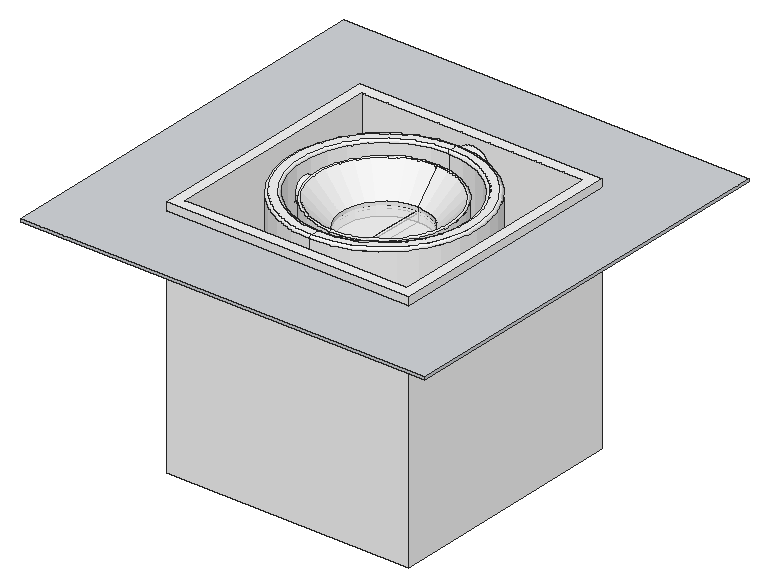
Revit family "Zaniboni-Diva-2_Inch_Aperture_20°-1", category Lighting Fixtures, host Face, Revit 2016
Family settings
  Host = Face
  Part Type = Normal
  Round Connector Dimension = Use Diameter
  Cut with Voids When Loaded = No
  Light Source = No
  Shared = No
  Room Calculation Point = No
Parameters (values of type "D1-DIVTS-0730A-3C-WS")
  Width = 2.99"
  Wattage Comments = "14W"
  Voltage = 120 V
  URL = "www.zanibonilighting.com"
  Type Comments = "Diva"  # constant formula
  Support Finish = ZBN - Metal Matte White
  Screen Finish = ZBN - Glass
  ST = RT  # no
  SQ = RQ  # no
  SD = RD  # no
  RT = no
  RQ = no
  RD = no
  Model = "D1-DIVTS-0730A-3C-WS"
  Mechanism Finish = ZBN - Plastic-Black
  Manufacturer = "Zaniboni"  # constant formula
  Length = 2.99"
  Keynote = "12500"
  Kelvin = "3000°K"
  Frame Finish = ZBN - Metal Matte White
  Diffuser Finish = ZBN - Metal Matte White
  Description = "2 inch 1 Light Sources Adjustable 20°"
  Default Elevation = 1"
  CRI = "80"
  Body Finish = ZBN - Metal Matte White
  Beam = "36°"
  Assembly Code = "E1020300"
Types (5): name | Width | ST | SQ | SD | RT | RQ | RD | Model | Length | Description
  (no name) | 2.99" | no | no | no | no | no | no | "D1-DIVTS-0730A-3C-WS" | 2.99" | "2 inch 1 Light Sources Adjustable 20°"
  D1-DIVTS-0730A-3C-WS | 2.99" | no | no | no | no | no | no | "D1-DIVTS-0730A-3C-WS" | 2.99" | "2 inch 1 Light Sources Adjustable 20°"
  D1-DIVTD-1430A-3C-WS | 2.99" | no | no | yes | no | no | yes | "D1-DIVTD-1430A-3C-WS" | 6" | "2 inch 2 Light Sources Adjustable 20°"
  D1-DIVTT-2130A-3C-WS | 2.99" | yes | no | yes | yes | no | yes | "D1-DIVTT-2130A-3C-WS" | 9" | "2 inch 3 Light Sources Adjustable 20°"
  D1-DIVTQ-2830A-3C-WS | 5.72" | no | yes | yes | no | yes | yes | "D1-DIVTQ-2830A-3C-WS" | 6" | "2 inch 4 Light Sources Adjustable 20°"
Reference planes (in)
  plane 1 "Center (Front/Back)": y = 0
  plane 2: z = 0
  plane 3 "Center (Left/Right)": x = 0
  plane 4: x = 2.99
  plane 5: y = -2.99
  plane 6: x = 1.495
  plane 7: y = -1.495
Forms (in)
  Extrusion 1, void
    sketch origin (3.54686, -2.04724, 0) x (1, 0, 0) y (0, 1, 0)
      loop
        line (-3.54686, 2.04724) -> (-3.54686, -0.94276) -> (-0.55686, -0.94276) -> (-0.55686, 2.04724) -> (-3.54686, 2.04724)
    from -2.99213 to 0.5
  Extrusion 2, solid, material "ZBN - Metal Matte White" <- "Body Finish"
    sketch origin (2.99382, -1.49606, 0) x (1, 0, 0) y (0, 1, 0)
      loop
        line (-2.99382, 1.49606) -> (-2.99382, -1.49394) -> (-0.00382, -1.49394) -> (-0.00382, 1.49606) -> (-2.99382, 1.49606)
      loop
        line (-0.12882, -1.36894) -> (-0.12882, 1.37106) -> (-2.86882, 1.37106) -> (-2.86882, -1.36894) -> (-0.12882, -1.36894)
    from -2.99213 to 0
  Extrusion 3, solid, material "ZBN - Metal Matte White" <- "Body Finish"
    sketch origin (-0.55118, 0.55118, -2.99213) x (1, 0, 0) y (0, 1, 0)
      loop
        line (0.55118, -0.55118) -> (0.55118, -3.54118) -> (3.54118, -3.54118) -> (3.54118, -0.55118) -> (0.55118, -0.55118)
    from 0 to 0.12
  Extrusion 4, solid
    sketch origin (0, 0, -0.86332) x (1, 0, 0) y (0, 1, 0)
      loop
        line (-1.00118, 1.00427) -> (-1.00118, -3.99427) -> (3.99118, -3.99427) -> (3.99118, 1.00427) -> (-1.00118, 1.00427)
      loop
        line (0, 0) -> (0, -2.99) -> (2.99, -2.99) -> (2.99, 0) -> (0, 0)
    from 0.74071 to 0.77271
Cuts and joins
  joined: Extrusion 2, Extrusion 3
Lines and regions (in)
  symbolic lines
    curve 1: line (0, 0, 0) -> (0, -2.99, 0)
    curve 2: line (2.99, 0, 0) -> (0, 0, 0)
    curve 3: line (2.99, -2.99, 0) -> (2.99, 0, 0)
    curve 4: line (0, -2.99, 0) -> (2.99, -2.99, 0)
    curve 5: line (0.125, -2.865, 0) -> (0.125, -0.125, 0)
    curve 6: line (0.125, -0.125, 0) -> (2.865, -0.125, 0)
    curve 7: line (2.865, -0.125, 0) -> (2.865, -2.865, 0)
    curve 8: line (2.865, -2.865, 0) -> (0.125, -2.865, 0)
  symbolic lines, style "LightingFixturesHiddenLines", detail levels fine
    curve 9: line (-1.00118, 1.00427, 0) -> (-1.00118, -3.99427, 0)
    curve 10: line (3.99118, 1.00427, 0) -> (-1.00118, 1.00427, 0)
    curve 11: line (3.99118, -3.99427, 0) -> (3.99118, 1.00427, 0)
    curve 12: line (-1.00118, -3.99427, 0) -> (3.99118, -3.99427, 0)
Dimensions and locks (in)
  plane 3 "Center (Left/Right)" to Extrusion 3 sketch curve = 0"
  Extrusion 3 sketch curve to plane 1 "Center (Front/Back)" = 0"
  locked: plane 3 "Center (Left/Right)" to Extrusion 2 sketch curve at 0.125
  locked: Extrusion 2 sketch curve to plane 4 at 0.125
  locked: Extrusion 2 sketch curve to plane 5 at 0.125
  locked: Extrusion 2 sketch curve to plane 1 "Center (Front/Back)" at 0.125
  "Length": plane 3 "Center (Left/Right)" to plane 4
  "Width": plane 5 to plane 1 "Center (Front/Back)"
  equal spacing: plane 3 "Center (Left/Right)", plane 6, plane 4
  equal spacing: plane 5, plane 7, plane 1 "Center (Front/Back)"
  locked: Extrusion 4 sketch curve to plane 3 "Center (Left/Right)" at 1.00118
  locked: plane 4 to Extrusion 4 sketch curve at 1.00118
  locked: plane 5 to Extrusion 4 sketch curve at 1.00427
  locked: plane 1 "Center (Front/Back)" to Extrusion 4 sketch curve at 1.00427
  aligned and locked: plane 2 to host face
  aligned and locked: level to host face
  aligned and locked: plane 3 "Center (Left/Right)" to Extrusion 2 sketch curve
  aligned and locked: plane 1 "Center (Front/Back)" to Extrusion 2 sketch curve
  aligned and locked: plane 4 to Extrusion 2 sketch curve
  aligned and locked: plane 5 to Extrusion 2 sketch curve
  aligned and locked: plane 3 "Center (Left/Right)" to Extrusion 1 sketch curve
  aligned and locked: Extrusion 1 sketch curve to plane 4
  aligned and locked: plane 1 "Center (Front/Back)" to Extrusion 1 sketch curve
  aligned and locked: plane 5 to Extrusion 1 sketch curve
  aligned and locked: plane 3 "Center (Left/Right)" to Extrusion 4 sketch curve
  aligned and locked: plane 1 "Center (Front/Back)" to Extrusion 4 sketch curve
  aligned and locked: plane 4 to Extrusion 4 sketch curve
  aligned and locked: plane 5 to Extrusion 4 sketch curve
  aligned and locked: curve 1 to cut or joined group of Extrusion 2, Extrusion 3
  aligned and locked: curve 2 to cut or joined group of Extrusion 2, Extrusion 3
  aligned and locked: curve 3 to cut or joined group of Extrusion 2, Extrusion 3
  aligned and locked: curve 4 to cut or joined group of Extrusion 2, Extrusion 3
  aligned and locked: curve 5 to cut or joined group of Extrusion 2, Extrusion 3
  aligned and locked: curve 6 to cut or joined group of Extrusion 2, Extrusion 3
  aligned and locked: curve 7 to cut or joined group of Extrusion 2, Extrusion 3
  aligned and locked: curve 8 to cut or joined group of Extrusion 2, Extrusion 3
  aligned and locked: curve 9 to Extrusion 4
  aligned and locked: curve 10 to Extrusion 4
  aligned and locked: curve 11 to Extrusion 4
  aligned and locked: curve 12 to Extrusion 4
Automatic sketch dimensions
  host sketch curve to host sketch curve = 11.08454"
  host sketch curve to host sketch curve = 9.00818"
  Extrusion 3 sketch curve to plane 4 = 0"
  Extrusion 3 sketch curve to plane 5 = 0"
Nested families (in)
  nested 1: "Diva 2" at (1.49382, -1.49606, -20.96225), Voltage <- "Voltage", Frame Finish <- "Frame Finish", Mechanism Finish <- "Mechanism Finish", Screen Finish <- "Screen Finish", Support Finish <- "Support Finish", Diffuser Finish <- "Diffuser Finish", type "Diva 2"
    with Voltage 120 V, Support Finish ZBN - Metal Matte White, Support yes, Screen Finish ZBN - Glass, Mechanism Finish ZBN - Plastic-Black, Light yes, Frame Finish ZBN - Metal Matte White, Diffuser Finish ZBN - Metal Matte White
  nested 2: "Diva 2" at (4.49382, -1.49606, -20.96225), Light <- "RD", Voltage <- "Voltage", Frame Finish <- "Frame Finish", Mechanism Finish <- "Mechanism Finish", Screen Finish <- "Screen Finish", Support Finish <- "Support Finish", Diffuser Finish <- "Diffuser Finish", visible <- "RD", Support <- "SD", type "Diva 2"
    with Voltage 120 V, Support Finish ZBN - Metal Matte White, Support no, Screen Finish ZBN - Glass, Mechanism Finish ZBN - Plastic-Black, Light no, Frame Finish ZBN - Metal Matte White, Diffuser Finish ZBN - Metal Matte White
  nested 3: "Diva 2" at (7.48382, -1.49606, -20.96225) x (-1, 0, 0) z (0, 0, 1), Light <- "RT", Voltage <- "Voltage", Frame Finish <- "Frame Finish", Mechanism Finish <- "Mechanism Finish", Screen Finish <- "Screen Finish", Support Finish <- "Support Finish", Diffuser Finish <- "Diffuser Finish", visible <- "RT", Support <- "ST", type "Diva 2"
    with Voltage 120 V, Support Finish ZBN - Metal Matte White, Support no, Screen Finish ZBN - Glass, Mechanism Finish ZBN - Plastic-Black, Light no, Frame Finish ZBN - Metal Matte White, Diffuser Finish ZBN - Metal Matte White
  nested 4: "Diva 2" at (1.49382, -4.22806, -20.96225), Light <- "RQ", Voltage <- "Voltage", Frame Finish <- "Frame Finish", Mechanism Finish <- "Mechanism Finish", Screen Finish <- "Screen Finish", Support Finish <- "Support Finish", Diffuser Finish <- "Diffuser Finish", visible <- "RQ", Support <- "SQ", type "Diva 2"
    with Voltage 120 V, Support Finish ZBN - Metal Matte White, Support no, Screen Finish ZBN - Glass, Mechanism Finish ZBN - Plastic-Black, Light no, Frame Finish ZBN - Metal Matte White, Diffuser Finish ZBN - Metal Matte White
  nested 5: "Diva 2" at (4.49382, -4.22806, -20.96225), Light <- "RQ", Voltage <- "Voltage", Frame Finish <- "Frame Finish", Mechanism Finish <- "Mechanism Finish", Screen Finish <- "Screen Finish", Support Finish <- "Support Finish", Diffuser Finish <- "Diffuser Finish", visible <- "RQ", Support <- "SQ", type "Diva 2"
    with Voltage 120 V, Support Finish ZBN - Metal Matte White, Support no, Screen Finish ZBN - Glass, Mechanism Finish ZBN - Plastic-Black, Light no, Frame Finish ZBN - Metal Matte White, Diffuser Finish ZBN - Metal Matte White
Definition of nested family "Diva 2"
  Parameters (values of type "Diva 2")
    Wattage = 9.2903 W
    built-in parameter 1150110 = 1 (stored number, unit not read)
    Voltage [instance] = 0 V
    built-in parameter 1114217 = 1 (stored number, unit not read)
    Tilt Angle = 90.00°
    built-in parameter 1150109 = 1 (stored number, unit not read)
    built-in parameter 1150134 = 3
    built-in parameter 1150113 = 1 (stored number, unit not read)
    Support Finish [instance] = none
    Support [instance] = yes
    Screen Finish [instance] = none
    Photometric Web File = "generic"
    built-in parameter 1150142 = (empty or 0)
    Mechanism Finish [instance] = none
    built-in parameter 1150105 = 109.82 (stored number, unit not read)
    Lumens = 1380 lm
    built-in parameter 1150115 = 1 (stored number, unit not read)
    built-in parameter 1150137 = (empty or 0)
    built-in parameter 1150139 = (empty or 0)
    Light [instance] = yes
    built-in parameter 1150112 = 1 (stored number, unit not read)
    built-in parameter 1150114 = 1 (stored number, unit not read)
    built-in parameter 1150132 = (empty or 0)
    built-in parameter 1150102 = (empty or 0)
    built-in parameter 1150107 = 3200 (stored number, unit not read)
    built-in parameter 1150138 = (empty or 0)
    built-in parameter 1150106 = 1.0982 (stored number, unit not read)
    Frame Finish [instance] = none
    Emit from Circle Diameter = 3"
    Emit Shape Visible in Rendering = no
    built-in parameter 1150104 = 13.8 (stored number, unit not read)
    Dimming Lamp Color Temperature Shift = (empty or 0)
    Diffuser Finish [instance] = none
    Color Filter = 16777215
    built-in parameter 1114218 = 1 (stored number, unit not read)
    built-in parameter 1150133 = 10 (stored number, unit not read)
  Reference planes (in)
    plane 1 "Center (Front/Back)": y = 0
    plane 2: z = 0
    plane 3 "Center (Left/Right)": x = 0
    plane 4: z = 20.96225
  Forms (in)
    Revolve 1, solid, material <- "Support Finish", visible <- "Light"
      sketch origin (0, 0, 0) x (0, 1, 0) y (0, 0, 1)
        loop
          arc (1.15372, 20.93025) -> (1.14435, 20.95288) -> (1.12172, 20.96225) r 0.032
          line (1.12172, 20.96225) -> (1.02685, 20.96225)
          arc (1.02685, 20.96225) -> (1.00504, 20.95322) -> (0.996, 20.9314) r 0.03085
          line (0.996, 20.9314) -> (0.996, 20.32364)
          arc (0.996, 20.32364) -> (1.00516, 20.30154) -> (1.02725, 20.29239) r 0.03125
          line (1.02725, 20.29239) -> (1.12247, 20.29239)
          arc (1.12247, 20.29239) -> (1.14457, 20.30154) -> (1.15372, 20.32364) r 0.03125
          line (1.15372, 20.32364) -> (1.15372, 20.93025)
        axis (0, 20.96225) -> (0, 20.29239)
      angle from 0 to 360
    Revolve 2, solid, material <- "Mechanism Finish", visible <- "Light"
      sketch origin (0, 0, 0) x (0, 1, 0) y (0, 0, 1)
        loop
          line (-0.75, 19.6573) -> (-0.78739, 19.6573) -> (-0.78739, 19.01443)
          arc (-0.78739, 19.01443) -> (-0.73284, 18.88274) -> (-0.60115, 18.82819) r 0.18624
          line (-0.60115, 18.82819) -> (0, 18.82819) -> (0, 20.06203) -> (-0.75, 20.06203) -> (-0.75, 19.6573)
        axis (0, 20.06203) -> (0, 18.82819)
      angle from 0 to 360
    Revolve 3, solid, material <- "Frame Finish", visible <- "Light"
      sketch origin (0, 0, 0) x (0, 1, 0) y (0, 0, 1)
        loop
          arc (0.83279, 20.86821) -> (0.82384, 20.8813) -> (0.80839, 20.87771) r 0.01405
          line (0.80839, 20.87771) -> (0.51248, 20.55537) -> (0.51248, 20.39203) -> (0, 20.39203) -> (0, 20.06203) -> (0.78764, 20.06203) -> (0.83279, 20.1861) -> (0.83279, 20.86821)
        axis (0, 20.87771) -> (0, 20.06203)
      angle from 0 to 360
    Revolve 4, solid, material <- "Screen Finish", visible <- "Light"
      sketch origin (0, 0, -0.0433) x (0, 1, 0) y (0, 0, 1)
        loop
          line (0, 20.55537) -> (-0.51248, 20.55537) -> (-0.51248, 20.52337) -> (0, 20.52337) -> (0, 20.55537)
        axis (0, 20.55537) -> (0, 20.516)
      angle from 0 to 360
    Extrusion 5, solid, material <- "Support Finish", visible <- "Light"
      sketch origin (0, 0, 0) x (0, 1, 0) y (0, 0, 1)
        loop
          circle (0, 20.63237) r 0.15625
      from -1.0793 to -0.7999
    Extrusion 6, solid, material <- "Support Finish", visible <- "Light"
      sketch origin (0, 0, 0) x (0, 1, 0) y (0, 0, -1)
        loop
          circle (0, -20.63237) r 0.15625
      from -1.0793 to -0.7999
    Extrusion 7, solid, material <- "Support Finish", visible <- "Light"
      sketch origin (0, 0, 0) x (1, 0, 0) y (0, 0, 1)
        loop
          circle (0, 20.63237) r 0.15625
      from -1.366 to -1.11932
    Extrusion 8, solid, material <- "Support Finish", visible <- "Light"
      sketch origin (0, 0, 0) x (1, 0, 0) y (0, 0, -1)
        loop
          circle (0, -20.63237) r 0.15625
      from -1.366 to -1.11932
    Extrusion 9, solid, material <- "Mechanism Finish", visible <- "Light"
      sketch origin (0, 0, 10.83737) x (1, 0, 0) y (0, 1, 0)
        loop
          circle (0, 0) r 0.12463
      from 7.9277 to 7.9902
    Extrusion 10, solid, material <- "Support Finish", visible <- "Support"
      sketch origin (0, 0, 0) x (1, 0, 0) y (0, 0, 1)
        loop
          line (-0.21654, 20.6341) -> (-0.21654, 18.14667) -> (0.21654, 18.14667) -> (0.21654, 20.6341)
          arc (0.21654, 20.6341) -> (0, 20.85063) -> (-0.21654, 20.6341) r 0.21654
      from 1.25773 to 1.366
    Extrusion 11, solid, material <- "Support Finish", visible <- "Support"
      sketch origin (0, 2.62373, 0) x (1, 0, 0) y (0, 0, 1)
        loop
          line (-0.21654, 20.6341) -> (-0.21654, 18.14667) -> (0.21654, 18.14667) -> (0.21654, 20.6341)
          arc (0.21654, 20.6341) -> (0, 20.85063) -> (-0.21654, 20.6341) r 0.21654
      from 1.25773 to 1.366
    Extrusion 12, solid, material <- "Support Finish", visible <- "Support"
      sketch origin (0, 0, 0) x (1, 0, 0) y (0, 0, 1)
        loop
          line (-0.21654, 18.14667) -> (0.21654, 18.14667) -> (0.21654, 18.25494) -> (-0.21654, 18.25494) -> (-0.21654, 18.14667)
      from -1.25773 to 1.25773
    Revolve 13, solid, material <- "Diffuser Finish", visible <- "Light"
      sketch origin (0, 0, 0) x (0, 1, 0) y (0, 0, 1)
        loop
          line (0, 19.89266) -> (-0.24332, 19.89266)
          arc (-0.24332, 19.89266) -> (-0.26669, 19.89684) -> (-0.28717, 19.90885) r 0.06747
          arc (-0.28717, 19.90885) -> (-0.48629, 20.16517) -> (-0.56809, 20.47927) r 0.80551
          arc (-0.56809, 20.47927) -> (-0.50578, 20.15236) -> (-0.30748, 19.8851) r 0.74583
          arc (-0.30748, 19.8851) -> (-0.27751, 19.86752) -> (-0.24332, 19.86141) r 0.09872
          line (-0.24332, 19.86141) -> (0, 19.86141) -> (0, 19.89266)
        axis (0, 20.47927) -> (0, 19.86141)
      angle from 0 to 360
  Cuts and joins
    joined: Extrusion 10, Extrusion 11, Extrusion 12
  Lines and regions (in)
    symbolic lines, visible <- "Light", detail levels fine
      curve 1: circle (0, 0, 0) r 1.15231 normal (0, 0, 1)
      curve 2: circle (0, 0, 0) r 1 normal (0, 0, 1)
      curve 3: circle (0, 0, 0) r 0.83279 normal (0, 0, 1)
      curve 4: circle (0, 0, 0) r 0.51248 normal (0, 0, 1)
  Dimensions and locks (in)
    aligned and locked: plane 2 to level
  Connectors (in)
    electrical at (0, 0, 18.76507), driven by "Voltage"
      settings: on Extrusion 9, index 1, voltage 0 V, apparent load 0 VA, apparent load phase1 0 VA, apparent load phase2 0 VA, apparent load phase3 0 VA, power factor 1, load classification none, number of poles 1, system type 31, power factor state 1, is connector primary yes, connector utility no, sub classification motor no, connector description ""
